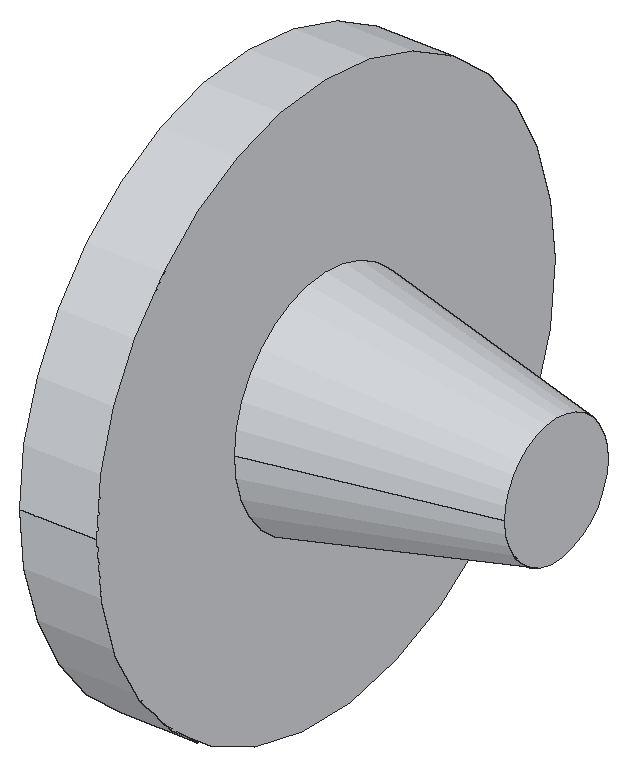
Revit family "M_Flange - Pescoço de solda - Aço - Classe 300", category Conexões de tubo, Revit 2019
Family settings
  Cota do conector redondo = Usar raio
  Tipo de parte = Flange
  Número OmniClass = 23.60.30.11.14
  Título OmniClass = Pipework Fittings
  ID de item do Seek = Flange - Weld Neck - Steel - Class 300-0000-CAN-ENU
  Com base no plano de trabalho = Não
  Sempre na vertical = Sim
  Corte com vazios quando carregada = Não
  Compartilhado = Não
Parameters (values of type "Padrão")
  Tamanho da marca de revisão [instance] = Diâmetro externo da flange * 0.4  # 38 mm
  Espessura da face elevada [instance] = 1.587 mm  # constant formula
  Raio da face elevada [instance] = Diâmetro da face elevada / 2  # 17.45 mm
  Diâmetro da face elevada [instance] = size_lookup(Nome da tabela de pesquisa, "RFD", 1.11 * Diâmetro nominal + 34.727 mm, Diâmetro nominal)  # 34.9 mm
  Raio nominal [instance] = 7.5 mm
  Diâmetro nominal [instance] = Raio nominal * 2  # 15 mm
  Método de perda = Não definido
  Nome da tabela de pesquisa = "M_Flange - Weld Neck - Steel - Class 300"
  Comprimento pelo hub [instance] = size_lookup(Nome da tabela de pesquisa, "LTH", 0.21 * Diâmetro nominal + 60.523 mm, Diâmetro nominal)  # 51 mm
  Raio do hub [instance] = Diâmetro do hub / 2  # 19 mm
  Diâmetro do hub [instance] = size_lookup(Nome da tabela de pesquisa, "HDia", 1.13 * Diâmetro nominal + 29.369 mm, Diâmetro nominal)  # 38 mm
  Raio inicial do hub [instance] = Diâmetro inicial do hub / 2  # 10.65 mm
  Diâmetro inicial do hub [instance] = size_lookup(Nome da tabela de pesquisa, "HBD", 1 * Diâmetro nominal + 11.509 mm, Diâmetro nominal)  # 21.3 mm
  Espessura do flange [instance] = size_lookup(Nome da tabela de pesquisa, "FThk", 0.09 * Diâmetro nominal + 17.363 mm, Diâmetro nominal)  # 12.7 mm
  Raio externo da flange [instance] = Diâmetro externo da flange / 2  # 47.5 mm
  Diâmetro externo da flange [instance] = size_lookup(Nome da tabela de pesquisa, "FOD", 1.37 * Diâmetro nominal + 99.219 mm, Diâmetro nominal)  # 95 mm
Reference planes
  plane 1 "Centro (Frente/Trás)": y = 0
  plane 2: z = 0
  plane 3 "Centro (Esquerda/Direita)": x = 0
  plane 4: x = 1.588
  plane 5: x = 14.288
  plane 6: x = 52.588
  plane 7: y = 38
  plane 8: y = -38
Forms (mm)
  Sweep 1, solid, detail levels fine
    path in 3D
      loop
        line (0, 0, 0) -> (1.588, 0, 0)
    profile origin (0.794, 0, 0) x (0, 1, 0) y (0, 0, 1)
      loop
        circle (0, 0) r 17.45
  Sweep 2, solid, detail levels fine
    path in 3D
      loop
        line (1.588, 0, 0) -> (14.288, 0, 0)
    profile origin (7.938, 0, 0) x (0, 1, 0) y (0, 0, 1)
      loop
        circle (0, 0) r 47.5
  SweptBlend 3, solid, detail levels fine
    path in 3D
      loop
        line (14.288, 0, 0) -> (52.588, 0, 0)
    profile origin (14.288, 0, 0) x (0, 1, 0) y (0, 0, 1)
      loop
        circle (0, 0) r 19
    end profile origin (52.588, 0, 0) x (0, 1, 0) y (0, 0, 1)
      loop
        circle (0, 0) r 10.65
Cuts and joins
  joined: Sweep 1, Sweep 2, SweptBlend 3
Lines and regions (mm)
  model lines, detail levels coarse+medium
    curve 1: line (0, 0, 0) -> (1.588, 0, 0)
    curve 2: line (1.588, 0, 0) -> (14.288, 0, 0)
    curve 3: line (14.288, 0, 0) -> (52.588, 0, 0)
    curve 6: line (14.288, 38, 0) -> (14.288, -38, 0)
  sketch lines
    curve 4: line (0, 0, 0) -> (1.588, 0, 0)
    curve 5: line (1.588, 0, 0) -> (14.288, 0, 0)
    curve 7: line (14.288, 0, 0) -> (52.588, 0, 0)
Dimensions and locks
  "Espessura da face elevada": plane 3 "Centro (Esquerda/Direita)" to plane 4
  "Espessura do flange": plane 4 to plane 5
  "Comprimento pelo hub": plane 4 to plane 6
  equal spacing: plane 7, plane 1 "Centro (Frente/Trás)", plane 8
  "Tamanho da marca de revisão": plane 7 to plane 1 "Centro (Frente/Trás)"
  "Raio da face elevada": radius of Sweep 1 sketch curve
  "Raio externo da flange": radius of Sweep 2 sketch curve
  "Raio do hub": radius of SweptBlend 3 sketch curve
  "Raio inicial do hub": radius of SweptBlend 3 sketch curve
  aligned and locked: plane 3 "Centro (Esquerda/Direita)" to curve 1
  aligned and locked: plane 4 to curve 1
  aligned and locked: plane 1 "Centro (Frente/Trás)" to curve 1
  aligned and locked: plane 1 "Centro (Frente/Trás)" to curve 2
  aligned and locked: plane 5 to curve 3
  aligned and locked: plane 6 to curve 3
  aligned and locked: plane 1 "Centro (Frente/Trás)" to curve 3
  aligned and locked: plane 7 to curve 6
  aligned and locked: plane 8 to curve 6
  aligned and locked: curve 6 to plane 5
  aligned and locked: plane 1 "Centro (Frente/Trás)" to SweptBlend 3 sketch curve  (x2)
  aligned and locked: plane 2 to SweptBlend 3 sketch curve  (x2)
Automatic sketch dimensions
  Sweep 1 sketch curve to profile plane = 0 mm  (x2)
  Sweep 2 sketch curve to profile plane = 0 mm  (x2)
Connectors
  piping at (0, 0, 0), diameter 15, driven by "Raio nominal"
    settings: on cut or joined group of Sweep 1, Sweep 2, SweptBlend 3, index 1, connector inside diameter 15 mm, connector length 0 mm, flow factor 0, pipe flow 0.0 L/s, pressure drop 0.0 Pa, fitting loss kfactor 0, connector angle 0.00°, fixture units 0, engagement length 0 mm, angle of deflection 0.00°, flow configuration 0, flow direction 0, fitting loss method 0, system type 28, joint type 0, gender type 0, connector reference index 2, connector utility 0, adjustable connector no, is connector primary yes, connector description ""
  piping at (52.588, 0, 0), diameter 15, driven by "Raio nominal"
    settings: on cut or joined group of Sweep 1, Sweep 2, SweptBlend 3, index 2, connector inside diameter 15 mm, connector length 0 mm, flow factor 0, pipe flow 0.0 L/s, pressure drop 0.0 Pa, fitting loss kfactor 0, connector angle 0.00°, fixture units 0, engagement length 0 mm, angle of deflection 0.00°, flow configuration 0, flow direction 0, fitting loss method 0, system type 28, joint type 0, gender type 0, connector reference index 1, connector utility 0, adjustable connector no, is connector primary no, connector description ""
